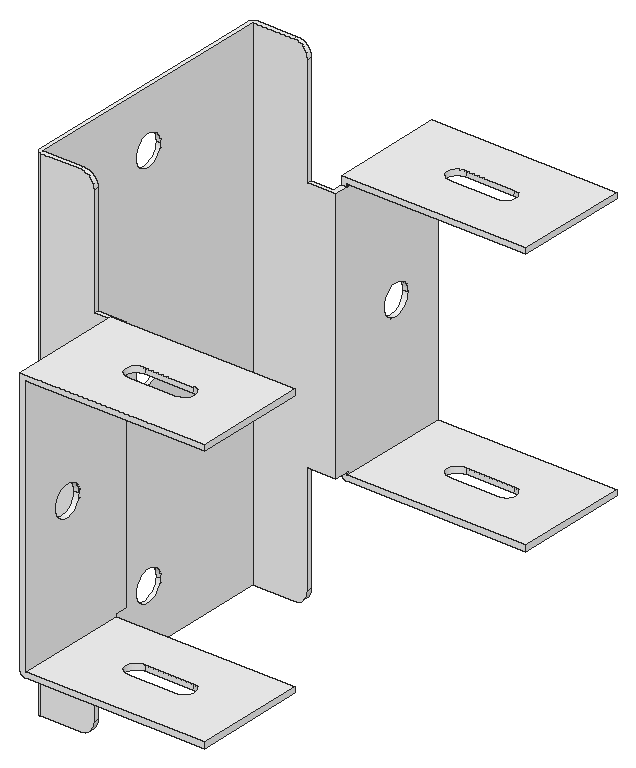
Revit family "クロスクリップ(C-38用)", category 機械設備, Revit 2020
Family settings
  丸型コネクタ寸法 = 直径を使用
  種別 = なし
  パーツ タイプ = 標準
  作業面ベース = いいえ
  常に垂直 = はい
  ロード時にボイドで切り取り = いいえ
  共有 = いいえ
  部屋計算ポイント = いいえ
Parameters
  製造元 = "株式会社桐井製作所"
  既定の高さ = 0 mm
  URL = "https://www.kirii.co.jp/"
  K_品名 = "クロスクリップ(C-38用)"
  K_名称 = "下がり壁金具"
  K_入数 = "100"
  K_バージョン情報 = "20211012"
Reference planes
  plane 1 "中心(正面/背面)": y = 0
  plane 2: z = 0
  plane 3 "中心(左/右)": x = 0
Forms (mm)
  Extrusion 1, solid
    sketch origin (-6.1, 0, -36.5) x (0, 1, 0) y (-1, 0, 0)
      loop
        arc (-18.921, 0.6) -> (-19.472, 0.372) -> (-19.7, -0.178) r 0.778
        line (-19.7, -0.178) -> (-19.7, -11.2) -> (-21.2, -11.2) -> (-21.2, -12) -> (-19.1, -12) -> (-19.1, 0) -> (18.893, 0) -> (18.893, -12) -> (20.99, -12) -> (20.99, -11.2) -> (19.493, -11.2) -> (19.493, -0.18)
        arc (19.493, -0.18) -> (19.264, 0.372) -> (18.713, 0.6) r 0.78
        line (18.713, 0.6) -> (-18.921, 0.6)
    from 0 to 73
  Extrusion 2, void
    sketch origin (0, -0.104, 0) x (0, 1, 0) y (0, 0, 1)
      loop
        circle (0, 28.25) r 2.25
      loop
        circle (0, 0) r 2.25
      loop
        circle (0, -28.25) r 2.25
    from -6.7 to -6.1
  Extrusion 3, void
    sketch origin (0, 0, 0) x (1, 0, 0) y (0, 0, 1)
      loop
        line (5.9, -18.5) -> (1.795, -18.5) -> (1.795, -34.5)
        arc (1.795, -34.5) -> (1.209, -35.914) -> (-0.205, -36.5) r 2
        line (-0.205, -36.5) -> (5.9, -36.5) -> (5.9, -18.5)
    from 19.092 to 21.2
  Extrusion 4, void
    sketch origin (0, 0, 0) x (1, 0, 0) y (0, 0, 1)
      loop
        line (5.9, 18.5) -> (5.9, 36.5) -> (-0.205, 36.5)
        arc (-0.205, 36.5) -> (1.209, 35.914) -> (1.795, 34.5) r 2
        line (1.795, 34.5) -> (1.795, 18.5) -> (5.9, 18.5)
    from 19.092 to 21.2
  Extrusion 5, void
    sketch origin (0, 40.371, 0) x (1, 0, 0) y (0, 0, 1)
      loop
        line (5.9, 18.5) -> (5.9, 36.5) -> (-0.205, 36.5)
        arc (-0.205, 36.5) -> (1.209, 35.914) -> (1.795, 34.5) r 2
        line (1.795, 34.5) -> (1.795, 18.5) -> (5.9, 18.5)
    from 19.382 to 21.479
  Extrusion 6, void
    sketch origin (0, 40.371, 0) x (1, 0, 0) y (0, 0, 1)
      loop
        line (5.9, -18.5) -> (1.795, -18.5) -> (1.795, -34.5)
        arc (1.795, -34.5) -> (1.209, -35.914) -> (-0.205, -36.5) r 2
        line (-0.205, -36.5) -> (5.9, -36.5) -> (5.9, -18.5)
    from 19.382 to 21.479
  Extrusion 7, solid
    sketch origin (-218.792, -20.901, -219.767) x (1, 0, 0) y (0, 0, 1)
      loop
        line (223.892, 239.467) -> (223.892, 200.867)
        arc (223.892, 200.867) -> (224.127, 200.301) -> (224.692, 200.067) r 0.8
        line (224.692, 200.067) -> (250.627, 200.067) -> (250.627, 200.867) -> (224.692, 200.867) -> (224.692, 238.667) -> (250.629, 238.667) -> (250.629, 239.467) -> (223.892, 239.467)
    from 0 to 16.4
  Extrusion 8, solid
    sketch origin (-218.792, 20.901, -219.767) x (1, 0, 0) y (0, 0, -1)
      loop
        line (223.892, -239.467) -> (250.629, -239.467) -> (250.629, -238.667) -> (224.692, -238.667) -> (224.692, -200.867) -> (250.627, -200.867) -> (250.627, -200.067) -> (224.692, -200.067)
        arc (224.692, -200.067) -> (224.127, -200.301) -> (223.892, -200.867) r 0.8
        line (223.892, -200.867) -> (223.892, -239.467)
    from 0 to 16.4
  Extrusion 9, void
    sketch origin (0, 0, 0) x (0, 1, 0) y (0, 0, 1)
      loop
        circle (-29.776, 0) r 2.25
      loop
        circle (29.796, 0) r 2.25
    from 0 to 16.4
  Extrusion 10, void
    sketch origin (0.188, 0.563, 0) x (1, 0, 0) y (0, 1, 0)
      loop
        line (22.179, 30.038) -> (15.179, 30.038)
        arc (15.179, 30.038) -> (13.679, 28.538) -> (15.179, 27.038) r 1.5
        line (15.179, 27.038) -> (22.179, 27.038)
        arc (22.179, 27.038) -> (23.679, 28.538) -> (22.179, 30.038) r 1.5
    from 18.9 to 19.7
  Extrusion 11, void
    sketch origin (0.188, -57.639, 0) x (1, 0, 0) y (0, 1, 0)
      loop
        line (22.179, 30.038) -> (15.179, 30.038)
        arc (15.179, 30.038) -> (13.679, 28.538) -> (15.179, 27.038) r 1.5
        line (15.179, 27.038) -> (22.179, 27.038)
        arc (22.179, 27.038) -> (23.679, 28.538) -> (22.179, 30.038) r 1.5
    from 18.9 to 19.7
  Extrusion 12, void
    sketch origin (0.188, -57.639, -38.8) x (1, 0, 0) y (0, 1, 0)
      loop
        line (22.179, 30.038) -> (15.179, 30.038)
        arc (15.179, 30.038) -> (13.679, 28.538) -> (15.179, 27.038) r 1.5
        line (15.179, 27.038) -> (22.179, 27.038)
        arc (22.179, 27.038) -> (23.679, 28.538) -> (22.179, 30.038) r 1.5
    from 19.1 to 19.9
  Extrusion 13, void
    sketch origin (0.188, 0.563, -38.2) x (1, 0, 0) y (0, 1, 0)
      loop
        line (22.179, 30.038) -> (15.179, 30.038)
        arc (15.179, 30.038) -> (13.679, 28.538) -> (15.179, 27.038) r 1.5
        line (15.179, 27.038) -> (22.179, 27.038)
        arc (22.179, 27.038) -> (23.679, 28.538) -> (22.179, 30.038) r 1.5
    from 18.5 to 19.3
Cuts and joins
  Extrusion 2, Extrusion 3, Extrusion 4, Extrusion 5, Extrusion 6, Extrusion 9, Extrusion 12, Extrusion 13 cuts Extrusion 1
  Extrusion 9, Extrusion 11, Extrusion 12, Extrusion 13 cuts Extrusion 7
  Extrusion 9, Extrusion 10, Extrusion 12, Extrusion 13 cuts Extrusion 8
  joined: Extrusion 1, Extrusion 7, Extrusion 8
Dimensions and locks
  aligned and locked: level to plane 2
